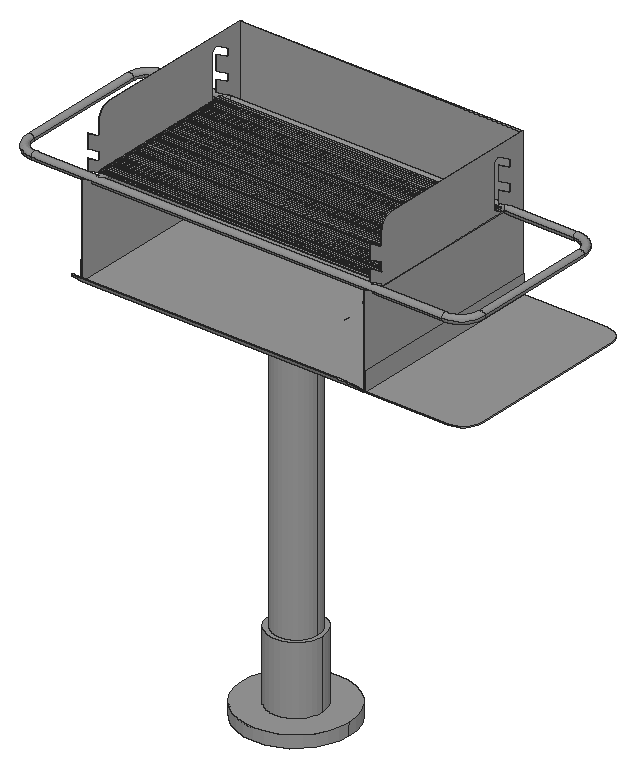
Revit family "Мангал-барбекю «Парковый» одинарный Арт 9600", category Антураж, Revit 2018
Family settings
  На основе рабочей плоскости = Нет
  Всегда вертикально = Да
  При загрузке вырезать с полостями = Нет
  Источник визуального образа = Геометрия семейства
  Общий = Нет
  Точка расчета площади = Нет
Parameters (values of type "Мангал-барбекю «Парковый» одинарный")
  Ширина = 468 mm  # constant formula
  Цвет опор = Сталь
  Цвет каркаса = Сталь 2
  Описание = "Мангал-барбекю «Парковый» одинарный"  # constant formula
  Материал изделия = "Сталь"  # constant formula
  Изображение типоразмера = Мангал-барбекю «Парковый» одинарный Арт 9600.jpg
  Изготовитель = "ООО «Хоббика»"  # constant formula
  Длина = 990 mm  # constant formula
  Группа модели = "Мангалы и барбекю"  # constant formula
  Высота = 1080 mm  # constant formula
  Артикул товара = "Арт. 9600"  # constant formula
  URL = "https://hobbyka.ru/product/mangalbarbekyu_parkovyy_odinarnyy/"
Reference planes
  plane 1 "По центру (Вперед/Назад)": y = 0
  plane 2: z = 0
  plane 3 "По центру (Влево/Вправо)": x = 0
  plane 4: y = 468
  plane 5: x = 990
  plane 6: z = 1080
Forms (mm)
  Extrusion 1, solid, material "Сталь" <- "Цвет опор"
    sketch origin (0, 0, 0) x (1, 0, 0) y (0, 1, 0)
      loop
        circle (495, 234) r 110
    from 0 to 25
  Extrusion 2, solid, material "Сталь" <- "Цвет опор"
    sketch origin (0, 0, 0) x (1, 0, 0) y (0, 1, 0)
      loop
        circle (495, 234) r 55
    from 25 to 165
  Extrusion 3, solid, material "Сталь" <- "Цвет опор"
    sketch origin (0, 0, 0) x (1, 0, 0) y (0, 1, 0)
      loop
        circle (495, 234) r 45
    from 164.196 to 765
  Extrusion 4, solid, material "Сталь" <- "Цвет опор"
    sketch origin (0, 0, 0) x (1, 0, 0) y (0, 1, 0)
      loop
        circle (495, 234) r 110
    from 765 to 775
  Extrusion 5, solid, material "Сталь 2" <- "Цвет каркаса"
    sketch origin (0, 0, 0) x (1, 0, 0) y (0, 1, 0)
      loop
        line (190, 468) -> (190, 58) -> (950, 58)
        arc (950, 58) -> (978.284, 69.716) -> (990, 98) r 40
        line (990, 98) -> (990, 428)
        arc (990, 428) -> (978.284, 456.284) -> (950, 468) r 40
        line (950, 468) -> (190, 468)
    from 775 to 777
  Extrusion 6, solid, material "Сталь 2" <- "Цвет каркаса"
    sketch origin (0, 0, 0) x (1, 0, 0) y (0, 1, 0)
      loop
        line (192, 58) -> (194, 58) -> (194, 464) -> (776, 464) -> (776, 58) -> (778, 58) -> (778, 466) -> (192, 466) -> (192, 58)
    from 777 to 1080
  Extrusion 7, solid, material "Сталь 2" <- "Цвет каркаса"
    sketch origin (0, -484.591, 218.597) x (1, 0, 0) y (0, 0.766044, -0.642788)
      loop
        line (194, 58) -> (194, 29)
        arc (194, 29) -> (202.494, 8.494) -> (223, 0) r 29
        line (223, 0) -> (747, 0)
        arc (747, 0) -> (767.506, 8.494) -> (776, 29) r 29
        line (776, 29) -> (776, 58) -> (194, 58)
    from 775 to 777
  Extrusion 8, solid, material "Сталь 2" <- "Цвет каркаса"
    sketch origin (0, 0, 0) x (1, 0, 0) y (0, 1, 0)
      loop
        line (190, 58) -> (192, 58) -> (192, 466) -> (778, 466) -> (778, 58) -> (780, 58) -> (780, 468) -> (190, 468) -> (190, 58)
    from 777 to 815
  Extrusion 9, void
    sketch origin (0, 0, 0) x (0, 1, 0) y (0, 0, 1)
      loop
        line (406, 1043.065) -> (436, 1025.745) -> (436, 1043.065) -> (410.2, 1057.961)
        arc (410.2, 1057.961) -> (399.981, 1059.04) -> (391, 1054.046) r 17.038
        line (391, 1054.046) -> (391, 965.123) -> (436, 939.142) -> (436, 956.463) -> (406, 973.783) -> (406, 996.877) -> (436, 979.557) -> (436, 996.877) -> (406, 1014.198) -> (406, 1043.065)
      loop
        line (73, 1043.065) -> (103, 1025.745) -> (103, 1052.872)
        arc (103, 1052.872) -> (110.945, 1072.055) -> (130.128, 1080) r 27.128
        line (130.128, 1080) -> (58, 1080) -> (58, 965.123) -> (103, 939.142) -> (103, 956.463) -> (73, 973.783) -> (73, 996.877) -> (103, 979.557) -> (103, 996.877) -> (73, 1014.198) -> (73, 1043.065)
    from 192 to 780
  Sweep 10, solid, material "Хром"
    path origin (0, 0, 0) x (1, 0, 0) y (0, 1, 0)
      loop
        line (920, 443) -> (70, 443)
        arc (70, 443) -> (30.064, 426.458) -> (13.522, 386.522) r 56.478
        line (13.522, 386.522) -> (13.522, 129.478)
        arc (13.522, 129.478) -> (30.064, 89.542) -> (70, 73) r 56.478
        line (70, 73) -> (920, 73)
        arc (920, 73) -> (959.936, 89.542) -> (976.478, 129.478) r 56.478
        line (976.478, 129.478) -> (976.478, 386.522)
        arc (976.478, 386.522) -> (959.936, 426.458) -> (920, 443) r 56.478
    profile origin (495, 443, 0) x (0, -1, 0) y (0, 0, 1)
      loop
        circle (14.844, 952.361) r 7.5
  Extrusion 11, solid, material "Хром"
    sketch origin (0, 0, -0.078) x (1, 0, 0) y (0, 0, 1)
      loop
        circle (201.972, 952.437) r 7.5
      loop
        circle (768.028, 952.437) r 7.5
    from -88.189 to -427.704
  Extrusion 12, solid, material "Хром"
    sketch origin (0, 0, 0) x (0, 1, 0) y (0, 0, 1)
      loop
        circle (411.654, 961.859) r 2
      loop
        circle (406.654, 961.859) r 2
      loop
        circle (401.654, 961.859) r 2
      loop
        circle (396.654, 961.859) r 2
      loop
        circle (391.654, 961.859) r 2
      loop
        circle (386.654, 961.859) r 2
      loop
        circle (381.654, 961.859) r 2
      loop
        circle (376.654, 961.859) r 2
      loop
        circle (371.654, 961.859) r 2
      loop
        circle (366.654, 961.859) r 2
      loop
        circle (361.654, 961.859) r 2
      loop
        circle (356.654, 961.859) r 2
      loop
        circle (351.654, 961.859) r 2
      loop
        circle (346.654, 961.859) r 2
      loop
        circle (341.654, 961.859) r 2
      loop
        circle (336.654, 961.859) r 2
      loop
        circle (331.654, 961.859) r 2
      loop
        circle (326.654, 961.859) r 2
      loop
        circle (321.654, 961.859) r 2
      loop
        circle (316.654, 961.859) r 2
      loop
        circle (311.654, 961.859) r 2
      loop
        circle (306.654, 961.859) r 2
      loop
        circle (301.654, 961.859) r 2
      loop
        circle (296.654, 961.859) r 2
      loop
        circle (291.654, 961.859) r 2
      loop
        circle (286.654, 961.859) r 2
      loop
        circle (281.654, 961.859) r 2
      loop
        circle (276.654, 961.859) r 2
      loop
        circle (271.654, 961.859) r 2
      loop
        circle (266.654, 961.859) r 2
      loop
        circle (261.654, 961.859) r 2
      loop
        circle (256.654, 961.859) r 2
      loop
        circle (251.654, 961.859) r 2
      loop
        circle (246.654, 961.859) r 2
      loop
        circle (241.654, 961.859) r 2
      loop
        circle (236.654, 961.859) r 2
      loop
        circle (231.654, 961.859) r 2
      loop
        circle (226.654, 961.859) r 2
      loop
        circle (221.654, 961.859) r 2
      loop
        circle (216.654, 961.859) r 2
      loop
        circle (211.654, 961.859) r 2
      loop
        circle (206.654, 961.859) r 2
      loop
        circle (201.654, 961.859) r 2
      loop
        circle (196.654, 961.859) r 2
      loop
        circle (191.654, 961.859) r 2
      loop
        circle (186.654, 961.859) r 2
      loop
        circle (181.654, 961.859) r 2
      loop
        circle (176.654, 961.859) r 2
      loop
        circle (171.654, 961.859) r 2
      loop
        circle (166.654, 961.859) r 2
      loop
        circle (161.654, 961.859) r 2
      loop
        circle (156.654, 961.859) r 2
      loop
        circle (151.654, 961.859) r 2
      loop
        circle (146.654, 961.859) r 2
      loop
        circle (141.654, 961.859) r 2
      loop
        circle (136.654, 961.859) r 2
      loop
        circle (131.654, 961.859) r 2
      loop
        circle (126.654, 961.859) r 2
      loop
        circle (121.654, 961.859) r 2
      loop
        circle (116.654, 961.859) r 2
      loop
        circle (111.654, 961.859) r 2
      loop
        circle (106.654, 961.859) r 2
      loop
        circle (101.654, 961.859) r 2
    from 194 to 776
Cuts and joins
  joined: Extrusion 5, Extrusion 7
  Extrusion 9 cuts Extrusion 6
Lines and regions (mm)
  symbolic lines
    curve 1: line (0, 427.704, 952.359) -> (0, 88.189, 952.359)
    curve 2: line (0, 427.704, 959.859) -> (0, 88.189, 959.859)
Dimensions and locks
  "Длина": plane 3 "По центру (Влево/Вправо)" to plane 5
  "Ширина": plane 4 to plane 1 "По центру (Вперед/Назад)"
  "Высота": plane 6 to plane 2
  aligned and locked: level to plane 2
Automatic sketch dimensions
  Extrusion 1 sketch curve to plane 1 "По центру (Вперед/Назад)" = 234 mm
  plane 3 "По центру (Влево/Вправо)" to Extrusion 1 sketch curve = 495 mm
  Extrusion 2 sketch curve to Extrusion 2 sketch curve = 0 mm  (x2)
  Extrusion 2 sketch curve to plane 1 "По центру (Вперед/Назад)" = 234 mm
  plane 3 "По центру (Влево/Вправо)" to Extrusion 2 sketch curve = 495 mm
  Extrusion 2 sketch curve to Extrusion 2 sketch curve = 55 mm
  Extrusion 3 sketch curve to Extrusion 3 sketch curve = 0 mm  (x2)
  Extrusion 3 sketch curve to plane 1 "По центру (Вперед/Назад)" = 234 mm
  plane 3 "По центру (Влево/Вправо)" to Extrusion 3 sketch curve = 495 mm
  Extrusion 3 sketch curve to Extrusion 3 sketch curve = 45 mm
  Extrusion 4 sketch curve to plane 1 "По центру (Вперед/Назад)" = 234 mm
  plane 3 "По центру (Влево/Вправо)" to Extrusion 4 sketch curve = 495 mm
  Extrusion 5 sketch curve to plane 4 = 0 mm
  Extrusion 5 sketch curve to plane 5 = 0 mm
  Extrusion 5 sketch curve to plane 4 = 40 mm
  plane 3 "По центру (Влево/Вправо)" to Extrusion 5 sketch curve = 190 mm
  Extrusion 5 sketch curve to plane 1 "По центру (Вперед/Назад)" = 98 mm
  Extrusion 5 sketch curve to plane 5 = 40 mm
  Extrusion 6 sketch curve to plane 4 = 2 mm
  plane 3 "По центру (Влево/Вправо)" to Extrusion 6 sketch curve = 192 mm
  Extrusion 6 sketch curve to Extrusion 6 sketch curve = 2 mm  (x2)
  Extrusion 6 sketch curve to plane 1 "По центру (Вперед/Назад)" = 58 mm  (x2)
  Extrusion 6 sketch curve to plane 5 = 214 mm
  Extrusion 6 sketch curve to plane 4 = 4 mm
  plane 3 "По центру (Влево/Вправо)" to Extrusion 7 sketch curve = 194 mm
  Extrusion 7 sketch curve to Extrusion 7 sketch curve = 29 mm  (x3)
  Extrusion 7 sketch curve to plane 5 = 243 mm
  Extrusion 8 sketch curve to plane 4 = 0 mm
  Extrusion 8 sketch curve to plane 1 "По центру (Вперед/Назад)" = 58 mm  (x2)
  plane 3 "По центру (Влево/Вправо)" to Extrusion 8 sketch curve = 190 mm
  Extrusion 8 sketch curve to Extrusion 8 sketch curve = 2 mm  (x2)
  Extrusion 8 sketch curve to plane 5 = 212 mm
  Extrusion 8 sketch curve to plane 4 = 2 mm
  Extrusion 9 sketch curve to plane 6 = 0 mm  (x2)
  Extrusion 9 sketch curve to plane 1 "По центру (Вперед/Назад)" = 58 mm
  Extrusion 9 sketch curve to Extrusion 9 sketch curve = 15 mm  (x3)
  Extrusion 9 sketch curve to Extrusion 9 sketch curve = 30 mm  (x2)
  Extrusion 9 sketch curve to Extrusion 9 sketch curve = 0 mm  (x5)
  Extrusion 9 sketch curve to plane 6 = 25.954 mm
  Extrusion 9 sketch curve to plane 4 = 77 mm
  Extrusion 9 sketch curve to Extrusion 9 sketch curve = 12.385 mm
  Extrusion 9 sketch curve to Extrusion 9 sketch curve = 2.615 mm
  Extrusion 9 sketch curve to plane 6 = 22.039 mm
  Extrusion 9 sketch curve to Extrusion 9 sketch curve = 4.2 mm
  Extrusion 9 sketch curve to Extrusion 9 sketch curve = 16.601 mm
  Extrusion 9 sketch curve to Extrusion 9 sketch curve = 27.128 mm
  Extrusion 9 sketch curve to Extrusion 9 sketch curve = 11.547 mm
  Extrusion 9 sketch curve to Extrusion 9 sketch curve = 28.148 mm
  Extrusion 9 sketch curve to Extrusion 9 sketch curve = 17.321 mm  (x7)
  Extrusion 9 sketch curve to Extrusion 9 sketch curve = 28.868 mm  (x3)
  Extrusion 9 sketch curve to Extrusion 9 sketch curve = 23.094 mm  (x4)
  Extrusion 9 sketch curve to Extrusion 9 sketch curve = 8.66 mm  (x2)
  Extrusion 9 sketch curve to Extrusion 9 sketch curve = 0.72 mm
  Extrusion 9 sketch curve to plane 6 = 27.128 mm
  plane 3 "По центру (Влево/Вправо)" to Sweep 10 sketch curve = 13.522 mm
  Sweep 10 sketch curve to plane 4 = 25 mm
  plane 3 "По центру (Влево/Вправо)" to Sweep 10 sketch curve = 70 mm  (x2)
  Sweep 10 sketch curve to plane 5 = 70 mm  (x2)
  Sweep 10 sketch curve to plane 5 = 13.522 mm
  Sweep 10 sketch curve to plane 1 "По центру (Вперед/Назад)" = 129.478 mm
  level to Sweep 10 sketch curve = 952.361 mm
  Sweep 10 sketch curve to profile plane = 14.844 mm
  plane 3 "По центру (Влево/Вправо)" to Extrusion 11 sketch curve = 201.972 mm
  Extrusion 11 sketch curve to plane 5 = 221.972 mm
  Extrusion 11 sketch curve to plane 6 = 127.641 mm  (x2)
  curve 1 to plane 1 "По центру (Вперед/Назад)" = 88.189 mm
  curve 1 to plane 6 = 127.641 mm
  curve 1 to plane 4 = 40.296 mm
  curve 2 to curve 1 = 0 mm  (x2)
  curve 1 to curve 2 = 7.5 mm
  Extrusion 12 sketch curve to plane 1 "По центру (Вперед/Назад)" = 101.654 mm
  Extrusion 12 sketch curve to Extrusion 12 sketch curve = 5 mm  (x62)
  Extrusion 12 sketch curve to plane 6 = 118.141 mm
  Extrusion 12 sketch curve to Extrusion 12 sketch curve = 0 mm  (x62)
  radius of Extrusion 1 sketch curve = 110 mm
  radius of Extrusion 4 sketch curve = 110 mm
  radius of Sweep 10 sketch curve = 7.5 mm
  radius of Extrusion 11 sketch curve = 7.5 mm  (x2)
  radius of Extrusion 12 sketch curve = 2 mm  (x63)
